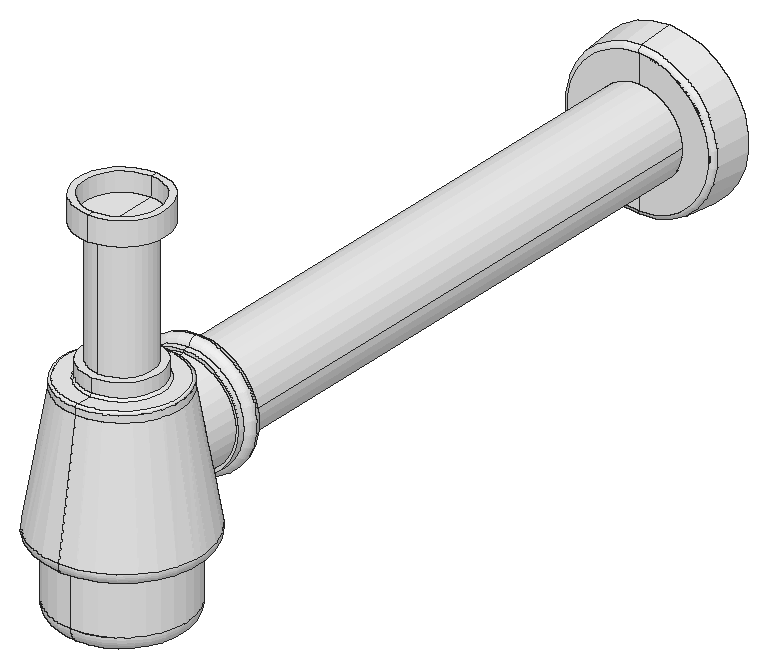
Revit family "Sifão", category Plumbing Fixtures, Revit 2025
Family settings
  Round Connector Dimension = Use Radius
  Part Type = Normal
  OmniClass Number = 23.45.05.00
  OmniClass Title = Sanitary Equipment
  Work Plane-Based = Yes
  Enable Cutting in Views = No
  Always vertical = Yes
  Cut with Voids When Loaded = Yes
  Maintain Annotation Orientation = No
  Shared = Yes
  Room Calculation Point = No
Parameters (values of type "SifãoLavatório")
  WFU = 2
  URL = "http://www.celite.com.br"
  Selo de Qualidade ofcdesk = "Standard"  # constant formula
  Raio1 [instance] = 16 mm
  Raio Ponto de Esgoto = 20 mm
  Model = Celite: Código  # "B5816C5CRB"
  Metais [instance] = Fiocruz_Cromados
  Manufacturer = Celite: Fabricante  # "Celite"
  Elevação [instance] = 680 mm
  Diâmetro Ponto de Esgoto = Raio Ponto de Esgoto * 2  # 40 mm
  Desenvolvido por = "ofcdesk"  # constant formula
  Description = Celite: Descrição  # "Sifão para lavatório 1\"x1.1⁄2\" com tubo de 300 mm (B5816C5CRB), linha Complementos - Metais Celite"
  Default Elevation = 0 mm
  Celite: Versão = "Autodesk Revit MEP 2014"  # constant formula
  Celite: Vazão de Projeto [instance] = 0.0 L/s
  Celite: Tipo = "Sifões"  # constant formula
  Celite: Produto = "Metais"  # constant formula
  Celite: Norma = "ABNT NBR 14162:2011 - Requisitos e métodos de ensaio"
  Celite: Link do Produto = "http://www.celite.com.br/pt/produtos/categoria/2/tipo/10/subtipo/9/"
  Celite: Linha = "Complementos"  # constant formula
  Celite: Informações Técnicas [instance] = "N/A"
  Celite: Informações Gerais [instance] = "N/A"
  Celite: Fabricante = "Celite"  # constant formula
  Celite: Desenho Técnico = "http://www.celite.com.br/media/uploads/desenhos_tecnicos/A5816C5CRB.gif"
  Celite: Descrição = "Sifão para lavatório 1\"x1.1⁄2\" com tubo de 300 mm (B5816C5CRB), linha Complementos - Metais Celite"
  Celite: Código = "B5816C5CRB"
  Celite: Cores Disponíveis = "Cromado"
  Celite: Copyright © = "© 2014 Celite"  # constant formula
  Celite: Categoria = "Cozinhas e Lavatórios"  # constant formula
  Celite: Altura da Peça [instance] = Elevação  # 680 mm
  Assembly Code = "D2010"
  Ajuste Vetical no Lavatório [instance] = 100 mm
  Afastamento da Parede [instance] = 300 mm
Reference planes
  plane 1 "Center (Front/Back)": y = 0
  plane 2: z = 0
  plane 3 "Center (Left/Right)": x = 0
  plane 4: y = -300
  plane 5: z = 780
  plane 6: z = 680
Forms (mm)
  Sweep 1, solid, material "Fiocruz_Cromados" <- "Metais"
    path origin (0, 1442.421, 680) x (0, 1, 0) y (-1, 0, 0)
      loop
        line (-1442.421, 0) -> (-1697.421, 0)
    profile origin (0, -127.5, 680) x (1, 0, 0) y (0, 0, 1)
      loop
        circle (0, 0) r 19.05
      loop
        circle (0, 0) r 16
  Revolve 2, solid, material "Fiocruz_Cromados" <- "Metais"
    sketch origin (0, 0, 0) x (0, 1, 0) y (0, 0, 1)
      loop
        line (-255, 680) -> (-255, 701.589)
        arc (-255, 701.589) -> (-256.067, 704.702) -> (-258.821, 706.505) r 5.073
        arc (-258.821, 706.505) -> (-261.574, 706.108) -> (-263.24, 703.88) r 3.635
        line (-263.24, 703.88) -> (-265.857, 703.88) -> (-265.857, 680) -> (-255, 680)
      axis (-265.857, 680) -> (-255, 680)
    angle from 0 to 360
  SweptBlend 3, solid, material "Fiocruz_Cromados" <- "Metais"
    path origin (0, 0, 0) x (0, 1, 0) y (0, 0, 1)
      loop
        line (-265.857, 680) -> (-300, 680)
    profile origin (0, -265.857, 680) x (0, 0, -1) y (1, 0, 0)
      loop
        circle (0, 0) r 22.486
    end profile origin (0, -300, 680) x (0, 0, -1) y (1, 0, 0)
      loop
        circle (0, 0) r 21.589
  Revolve 4, solid, material "Fiocruz_Cromados" <- "Metais"
    sketch origin (0, 0, 0) x (0, 1, 0) y (0, 0, 1)
      loop
        line (-300, 704.157) -> (-274.606, 704.157) -> (-274.606, 707.127)
        arc (-274.606, 707.127) -> (-274.901, 707.84) -> (-275.614, 708.135) r 1.008
        line (-275.614, 708.135) -> (-282.5, 708.135) -> (-283.521, 709.156) -> (-300, 709.156) -> (-300, 704.157)
      axis (-300, 709.156) -> (-300, 704.157)
    angle from 0 to 360
  Sweep 5, solid, material "Fiocruz_Cromados" <- "Metais"
    path origin (0, 0, 0) x (0, 1, 0) y (0, 0, 1)
      loop
        line (-300, 709.156) -> (-300, 715.122)
    profile origin (0, -300, 712.139) x (0, -1, 0) y (1, 0, 0)
      loop
        circle (0, 0) r 16.479
  Sweep 6, solid, material "Fiocruz_Cromados" <- "Metais"
    path origin (0, 0, 0) x (0, 1, 0) y (0, 0, 1)
      loop
        line (-300, 715.122) -> (-300, 769.613)
    profile origin (0, -300, 742.368) x (0, -1, 0) y (1, 0, 0)
      loop
        circle (0, 0) r 13
  Revolve 7, solid, material "Fiocruz_Cromados" <- "Metais"
    sketch origin (0, 0, 0) x (0, 1, 0) y (0, 0, 1)
      loop
        line (0, 699.07) -> (0, 714.571)
        arc (0, 714.571) -> (-7.459, 714.035) -> (-14.888, 713.172) r 170.27
        arc (-14.888, 713.172) -> (-16.254, 712.452) -> (-16.959, 711.077) r 2.565
        line (-16.959, 711.077) -> (-16.959, 699.07) -> (0, 699.07)
      axis (-16.959, 680) -> (0, 680)
    angle from 0 to 360
  Sweep 8, void
    path origin (0, 1442.421, 680) x (0, 1, 0) y (-1, 0, 0)
      loop
        line (-1440.976, 0) -> (-1456.552, 0)
    profile origin (0, -6.343, 680) x (1, 0, 0) y (0, 0, 1)
      loop
        circle (0, 0) r 30
  Revolve 9, solid, material "Fiocruz_Cromados" <- "Metais"
    sketch origin (0, 0, 0) x (0, 1, 0) y (0, 0, 1)
      loop
        line (-300, 771.707) -> (-300, 769.613) -> (-281.111, 769.613) -> (-281.111, 780) -> (-284, 780) -> (-284, 771.707) -> (-300, 771.707)
      axis (-300, 780) -> (-300, 769.613)
    angle from 0 to 360
  Revolve 10, solid, material "Fiocruz_Cromados" <- "Metais"
    sketch origin (0, 0, 0) x (0, 1, 0) y (0, 0, 1)
      loop
        line (-300, 704.157) -> (-325.394, 704.157) -> (-334.85, 649.952)
        arc (-334.85, 649.952) -> (-333.712, 646.324) -> (-330.244, 644.765) r 4.638
        line (-330.244, 644.765) -> (-328.223, 644.765) -> (-328.223, 621.563)
        arc (-328.223, 621.563) -> (-326.054, 616.326) -> (-320.818, 614.157) r 7.405
        line (-320.818, 614.157) -> (-300, 614.157) -> (-300, 704.157)
      axis (-300, 704.157) -> (-300, 614.157)
    angle from 0 to 360
Cuts and joins
  Sweep 8 cuts Sweep 1
  joined: Sweep 1, Revolve 2, SweptBlend 3, Revolve 4, Sweep 5, Sweep 6, Revolve 9, Revolve 10
  Sweep 8 cuts Revolve 7
Dimensions and locks
  "Ajuste Vetical no Lavatório": plane 5 to plane 6
  "Elevação": plane 6 to level
  locked: Sweep 1 sketch curve to plane 4 at 45
  Sweep 8 sketch curve to Sweep 8 sketch curve = 15.576 mm
  Revolve 7 sketch curve to Revolve 7 sketch curve to Revolve 7 sketch curve = 14.888 mm locked, 2.071 mm locked
  locked: Revolve 9 sketch curve to Revolve 9 sketch curve at 2.889
  "Raio1": Revolve 9 sketch curve to plane 4
  plane 5 to Revolve 9 sketch curve to Revolve 9 sketch curve = 8.293 mm locked, 2.093 mm locked
  Revolve 7 sketch curve to Revolve 7 sketch curve to Revolve 7 sketch curve to Revolve 7 sketch curve to plane 6 = 1.399 mm locked, 2.095 mm locked, 12.007 mm locked, 19.07 mm locked
  "Afastamento da Parede": plane 1 "Center (Front/Back)" to plane 4
  radius of Sweep 1 sketch curve = 16 mm
  radius of Revolve 7 sketch curve = 2.565 mm
  aligned and locked: level to plane 2
  aligned and locked: plane 6 to Revolve 2 sketch curve
  aligned and locked: Revolve 2 sketch curve to plane 6
  aligned and locked: SweptBlend 3 sketch curve to plane 6
  aligned and locked: Revolve 4 sketch curve to plane 4
  aligned and locked: Sweep 5 sketch curve to plane 4
  aligned and locked: Revolve 4 to Sweep 5 sketch curve
  aligned and locked: Sweep 5 sketch curve to Revolve 4  (x2)
  aligned and locked: Sweep 5 to Sweep 6 sketch curve
  aligned and locked: Sweep 6 sketch curve to plane 4
  aligned and locked: Revolve 9 sketch curve to plane 4
  aligned and locked: plane 4 to Revolve 9 sketch curve
  aligned and locked: plane 4 to Revolve 10 sketch curve
  aligned and locked: Revolve 10 sketch curve to plane 4
  aligned and locked: plane 4 to SweptBlend 3 sketch curve
  aligned and locked: cut or joined group of Sweep 1, Revolve 2, SweptBlend 3, Revolve 4, Sweep 5, Sweep 6, Sweep 8, Revolve 9, Revolve 10 to SweptBlend 3 sketch curve
  aligned and locked: plane 6 to Sweep 8 sketch curve
  aligned and locked: plane 3 "Center (Left/Right)" to Sweep 8 sketch curve
Automatic sketch dimensions
  Sweep 1 sketch curve to plane 3 "Center (Left/Right)" = 0 mm
  Revolve 4 sketch curve to plane 4 = 0 mm
  plane 4 to Revolve 4 sketch curve = 16.479 mm
  Revolve 4 sketch curve to Revolve 4 sketch curve = 1.021 mm  (x2)
  Revolve 4 sketch curve to Revolve 4 sketch curve = 6.886 mm
  Revolve 4 sketch curve to Revolve 4 sketch curve = 1.008 mm
  plane 6 to Revolve 4 sketch curve = 22.296 mm
  Revolve 4 sketch curve to Revolve 4 sketch curve = 1.862 mm
  Revolve 4 sketch curve to Revolve 4 sketch curve = 0 mm
  Revolve 4 sketch curve to Revolve 4 sketch curve = 2.97 mm
  Sweep 6 sketch curve to plane 3 "Center (Left/Right)" = 0 mm
  Sweep 6 sketch curve to profile plane = 0 mm
  SweptBlend 3 sketch curve to plane 3 "Center (Left/Right)" = 0 mm  (x2)
  SweptBlend 3 sketch curve to profile plane = 0 mm  (x2)
  Sweep 1 sketch curve to Sweep 1 sketch curve = 0 mm  (x2)
  Sweep 1 sketch curve to plane 6 = 0 mm
  profile plane to Sweep 1 sketch curve = 0 mm
  Sweep 6 sketch curve to plane 5 = 10.387 mm
  Revolve 7 sketch curve to plane 1 "Center (Front/Back)" = 0 mm  (x2)
  Revolve 7 sketch curve to plane 6 = 0 mm
  Revolve 7 sketch curve to plane 1 "Center (Front/Back)" = 5 mm
  Sweep 5 sketch curve to Sweep 5 sketch curve = 5.967 mm
  Revolve 10 sketch curve to Revolve 10 sketch curve = 20.818 mm
  Revolve 10 sketch curve to Revolve 10 sketch curve = 25.394 mm
  Revolve 10 sketch curve to Revolve 10 sketch curve = 7.405 mm
  Revolve 10 sketch curve to Revolve 10 sketch curve = 2.021 mm
  Revolve 10 sketch curve to Revolve 10 sketch curve = 4.606 mm
  Revolve 10 sketch curve to plane 6 = 95.843 mm
  Revolve 10 sketch curve to Revolve 10 sketch curve = 20 mm
  Revolve 10 sketch curve to Revolve 10 sketch curve = 10 mm
  Revolve 10 sketch curve to Revolve 10 sketch curve = 23.202 mm
  Revolve 10 sketch curve to Revolve 10 sketch curve = 4.638 mm
  plane 6 to Revolve 10 sketch curve = 24.157 mm
  SweptBlend 3 sketch curve to SweptBlend 3 sketch curve = 0 mm  (x2)
  SweptBlend 3 sketch curve to SweptBlend 3 sketch curve = 22.486 mm
  plane 4 to Revolve 2 sketch curve = 34.143 mm
  Revolve 2 sketch curve to Revolve 2 sketch curve = 2.616 mm
  Revolve 2 sketch curve to Revolve 2 sketch curve = 3.167 mm
  Revolve 2 sketch curve to Revolve 2 sketch curve = 0.355 mm
  Revolve 2 sketch curve to Revolve 2 sketch curve = 0.897 mm
  Revolve 2 sketch curve to Revolve 2 sketch curve = 0 mm  (x2)
  Revolve 2 sketch curve to Revolve 2 sketch curve = 4.718 mm
  Revolve 2 sketch curve to Revolve 2 sketch curve = 5 mm
  plane 6 to Revolve 2 sketch curve = 21.589 mm
  Sweep 8 sketch curve to plane 3 "Center (Left/Right)" = 0 mm
  Revolve 7 sketch curve to plane 1 "Center (Front/Back)" = 8.47 mm
  plane 1 "Center (Front/Back)" to Sweep 1 sketch curve = 0 mm
  Revolve 9 sketch curve to plane 5 = 0 mm
  Revolve 9 sketch curve to plane 5 = 3.821 mm
  plane 5 to Revolve 9 sketch curve = 8.366 mm
  radius of Sweep 6 sketch curve = 13 mm
  radius of SweptBlend 3 sketch curve = 21.589 mm
  radius of Sweep 1 sketch curve = 19.05 mm
  radius of Sweep 8 sketch curve = 30 mm
Connectors
  piping at (0, 0, 680), diameter 40, driven by "WFU", driven by "Raio Ponto de Esgoto", driven by "Celite: Vazão de Projeto"
    settings: on Sweep 1, index 1, connector inside diameter 40 mm, connector length 0 mm, flow factor 0, pipe flow 0.0 L/s, pressure drop 0.0 Pa, fitting loss kfactor 0, connector angle 0.00°, fixture units 2, engagement length 0 mm, angle of deflection 0.00°, flow configuration 3, flow direction 2, fitting loss method 0, system type 16, joint type 0, gender type 0, connector reference index -1, connector utility 0, adjustable connector no, is connector primary yes, connector description ""
